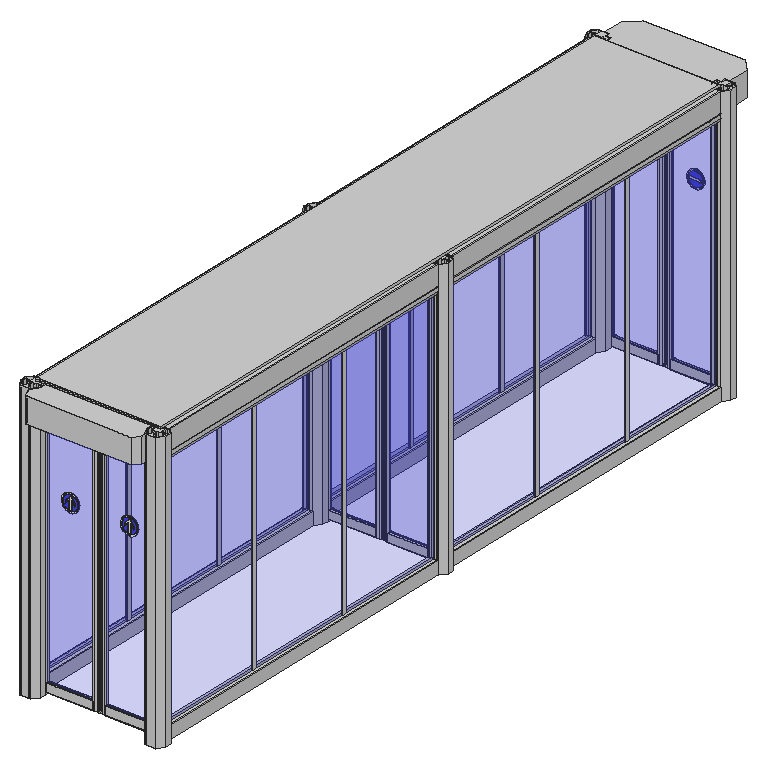
Revit family "agtatec_Record_ScrtTnnl_FlipFlowTriple_Standalone2", category Doors, Revit 2015 (continued)
Lines and regions (mm)
  symbolic lines, detail levels fine
    curve 344: line (-536.25, 1926.623, 0) -> (-536.25, 2879.26, 0)
    curve 345: line (-528.05, 1926.623, 0) -> (-536.25, 1926.623, 0)
    curve 346: line (-528.05, 2879.26, 0) -> (-528.05, 1926.623, 0)
    curve 347: line (-536.25, 1918.623, 0) -> (-528.05, 1918.623, 0)
    curve 348: line (-536.25, 969.987, 0) -> (-536.25, 1918.623, 0)
    curve 349: line (-528.05, 969.987, 0) -> (-536.25, 969.987, 0)
    curve 350: line (-528.05, 1918.623, 0) -> (-528.05, 969.987, 0)
    curve 351: line (-536.25, 961.987, 0) -> (-528.05, 961.987, 0)
    curve 352: line (-536.25, 9.35, 0) -> (-536.25, 961.987, 0)
    curve 353: line (-528.05, 9.35, 0) -> (-536.25, 9.35, 0)
    curve 354: line (-528.05, 961.987, 0) -> (-528.05, 9.35, 0)
    curve 359: line (528.05, 9.35, 0) -> (536.25, 9.35, 0)
    curve 360: line (536.25, 9.35, 0) -> (536.25, 961.987, 0)
    curve 361: line (528.05, 961.987, 0) -> (528.05, 9.35, 0)
    curve 362: line (536.25, 961.987, 0) -> (528.05, 961.987, 0)
    curve 363: line (528.05, 969.987, 0) -> (536.25, 969.987, 0)
    curve 364: line (528.05, 1918.623, 0) -> (528.05, 969.987, 0)
    curve 365: line (536.25, 969.987, 0) -> (536.25, 1918.623, 0)
    curve 366: line (536.25, 1918.623, 0) -> (528.05, 1918.623, 0)
    curve 367: line (528.05, 1926.623, 0) -> (536.25, 1926.623, 0)
    curve 368: line (528.05, 2879.26, 0) -> (528.05, 1926.623, 0)
    curve 369: line (536.25, 1926.623, 0) -> (536.25, 2879.26, 0)
    curve 370: line (536.25, 2879.26, 0) -> (528.05, 2879.26, 0)
    curve 371: line (528.05, 3009.27, 0) -> (536.25, 3009.27, 0)
    curve 372: line (528.05, 3961.946, 0) -> (528.05, 3009.27, 0)
    curve 373: line (536.25, 3009.27, 0) -> (536.25, 3961.946, 0)
    curve 374: line (536.25, 3961.946, 0) -> (528.05, 3961.946, 0)
    curve 375: line (528.05, 3969.946, 0) -> (536.25, 3969.946, 0)
    curve 376: line (528.05, 4918.623, 0) -> (528.05, 3969.946, 0)
    curve 377: line (536.25, 3969.946, 0) -> (536.25, 4918.623, 0)
    curve 378: line (536.25, 4918.623, 0) -> (528.05, 4918.623, 0)
    curve 379: line (528.05, 4926.623, 0) -> (536.25, 4926.623, 0)
    curve 380: line (528.05, 5879.3, 0) -> (528.05, 4926.623, 0)
    curve 381: line (536.25, 4926.623, 0) -> (536.25, 5879.3, 0)
    curve 382: line (536.25, 5879.3, 0) -> (528.05, 5879.3, 0)
    curve 383: line (550.15, 2886.16, 0) -> (550.15, 2896.16, 0)
    curve 384: line (560.85, 2886.16, 0) -> (550.15, 2886.16, 0)
    curve 385: line (552.6, 3007.87, 0) -> (556, 3007.87, 0)
    curve 386: line (556, 3007.87, 0) -> (556, 3010.66, 0)
    curve 387: line (556, 3010.66, 0) -> (579.934, 3010.66, 0)
    curve 389: line (-538.45, 4937.623, 0) -> (-538.45, 4907.623, 0)
    curve 390: line (-538.45, 4907.623, 0) -> (-536.45, 4907.623, 0)
    curve 391: line (-536.45, 4907.623, 0) -> (-536.45, 4921.623, 0)
    curve 392: line (-536.45, 4921.623, 0) -> (-527.85, 4921.623, 0)
    curve 393: line (-527.85, 4923.623, 0) -> (-536.45, 4923.623, 0)
    curve 394: line (-536.45, 4923.623, 0) -> (-536.45, 4937.623, 0)
    curve 395: line (-527.85, 4937.623, 0) -> (-527.85, 4923.623, 0)
    curve 396: line (-527.85, 4921.623, 0) -> (-527.85, 4907.623, 0)
    curve 397: line (-527.85, 4907.623, 0) -> (-525.85, 4907.623, 0)
    curve 398: line (-525.85, 4907.623, 0) -> (-525.85, 4937.623, 0)
    curve 399: line (-525.85, 4937.623, 0) -> (-527.85, 4937.623, 0)
    curve 400: line (-536.45, 4937.623, 0) -> (-538.45, 4937.623, 0)
    curve 401: line (-538.45, 3950.946, 0) -> (-536.45, 3950.946, 0)
    curve 402: line (-536.45, 3950.946, 0) -> (-536.45, 3964.946, 0)
    curve 403: line (-536.45, 3964.946, 0) -> (-527.85, 3964.946, 0)
    curve 404: line (-527.85, 3964.946, 0) -> (-527.85, 3950.946, 0)
    curve 405: line (-527.85, 3950.946, 0) -> (-525.85, 3950.946, 0)
    curve 406: line (-525.85, 3950.946, 0) -> (-525.85, 3980.946, 0)
    curve 407: line (-538.45, 3980.946, 0) -> (-538.45, 3950.946, 0)
    curve 408: line (-527.85, 3966.946, 0) -> (-536.45, 3966.946, 0)
    curve 409: line (-536.45, 3966.946, 0) -> (-536.45, 3980.946, 0)
    curve 410: line (-527.85, 3980.946, 0) -> (-527.85, 3966.946, 0)
    curve 411: line (-525.85, 3980.946, 0) -> (-527.85, 3980.946, 0)
    curve 412: line (-536.45, 3980.946, 0) -> (-538.45, 3980.946, 0)
    curve 413: line (-544.75, 2997.37, 0) -> (-544.75, 3017.37, 0)
    curve 414: line (-519.55, 2997.37, 0) -> (-544.75, 2997.37, 0)
    curve 415: line (-519.55, 3017.37, 0) -> (-519.55, 2997.37, 0)
    curve 418: line (-544.75, 2871.16, 0) -> (-544.75, 2891.16, 0)
    curve 419: line (-544.75, 2891.16, 0) -> (-519.55, 2891.16, 0)
    curve 420: line (-519.55, 2891.16, 0) -> (-519.55, 2871.16, 0)
  symbolic lines, detail levels medium+fine
    curve 260: line (-541.65, 3017.37, 0) -> (-541.65, 5871.079, 0)
    curve 261: line (-522.65, 5871.079, 0) -> (-522.65, 3017.37, 0)
    curve 262: line (-574.65, 5871.079, 0) -> (-536.25, 5871.079, 0)
    curve 263: line (-528.05, 5871.079, 0) -> (-489.65, 5871.079, 0)
    curve 264: line (-536.25, 17.45, 0) -> (-574.65, 17.45, 0)
    curve 265: line (-493.296, 17.45, 0) -> (-528.05, 17.45, 0)
    curve 266: line (489.65, 5871.079, 0) -> (528.05, 5871.079, 0)
    curve 267: line (536.25, 5871.079, 0) -> (574.65, 5871.079, 0)
    curve 268: line (541.65, 5871.079, 0) -> (541.65, 3017.37, 0)
    curve 269: line (522.65, 3017.37, 0) -> (522.65, 5871.079, 0)
    curve 270: line (528.05, 3017.37, 0) -> (493.296, 3017.37, 0)
    curve 271: line (574.65, 3017.37, 0) -> (536.25, 3017.37, 0)
    curve 272: line (536.25, 2871.16, 0) -> (574.65, 2871.16, 0)
    curve 273: line (489.65, 2871.16, 0) -> (528.05, 2871.16, 0)
    curve 274: line (528.05, 17.45, 0) -> (493.296, 17.45, 0)
    curve 275: line (574.65, 17.45, 0) -> (536.25, 17.45, 0)
    curve 276: line (541.65, 2871.16, 0) -> (541.65, 17.45, 0)
    curve 277: line (522.65, 17.45, 0) -> (522.65, 2871.16, 0)
    curve 416: line (-536.25, 3017.37, 0) -> (-574.65, 3017.37, 0)
    curve 417: line (-493.296, 3017.37, 0) -> (-528.05, 3017.37, 0)
    curve 421: line (-522.65, 2871.16, 0) -> (-522.65, 17.45, 0)
    curve 422: line (-541.65, 17.45, 0) -> (-541.65, 2871.16, 0)
    curve 423: line (-528.05, 2871.16, 0) -> (-489.65, 2871.16, 0)
    curve 424: line (-574.65, 2871.16, 0) -> (-536.25, 2871.16, 0)
  symbolic lines, detail levels medium
    curve 326: line (536.25, 5871.079, 0) -> (528.05, 5871.079, 0)
    curve 327: line (536.25, 3017.37, 0) -> (528.05, 3017.37, 0)
    curve 328: line (536.25, 2871.16, 0) -> (528.05, 2871.16, 0)
    curve 355: line (-536.25, 17.45, 0) -> (-528.05, 17.45, 0)
    curve 356: line (-536.25, 2871.16, 0) -> (-528.05, 2871.16, 0)
    curve 357: line (-536.25, 3017.37, 0) -> (-528.05, 3017.37, 0)
    curve 358: line (-536.25, 5871.079, 0) -> (-528.05, 5871.079, 0)
    curve 388: line (536.25, 17.45, 0) -> (528.05, 17.45, 0)
  reference lines
    curve 329: line (-536.25, 0, 0) -> (-536.25, 5999.839, 0)
    curve 330: line (536.25, -0.35, 0) -> (536.25, 5999.489, 0)
Dimensions and locks
  "PassageHeight": plane 5 "PH" to plane 2
  "CanopyHeight": plane 4 "Top" to plane 5 "PH"
  equal spacing: plane 6, plane 3 "Center (Left/Right)", plane 7
  "PassageWidth": plane 6 to plane 7
  equal spacing: plane 1 "Entry", plane 9 "Center", plane 8 "Exit"
  "Length": plane 8 "Exit" to plane 1 "Entry"
  locked: plane 7 to plane 10 at 23.1
  locked: plane 11 to plane 6 at 23.1
  locked: plane 10 to plane 12 at 54.95
  locked: plane 12 to plane 13 at 8.2
  locked: plane 11 to plane 14 at 54.95
  locked: plane 14 to plane 15 at 8.2
  Sweep 3 to plane 19 = 8.221 mm
  plane 17 to plane 9 "Center" to plane 16 = 120.66 mm locked, 9.35 mm locked
  locked: plane 19 to plane 8 "Exit" at 120.539
  locked: plane 1 "Entry" to plane 18 at 9.35
  equal spacing: plane 18, plane 21, plane 20, plane 17
  equal spacing: plane 16, plane 23, plane 22, plane 19
  locked: plane 29 to plane 22 at 4
  locked: plane 22 to plane 28 at 4
  locked: plane 31 to plane 23 at 4
  locked: plane 23 to plane 30 at 4
  locked: plane 25 to plane 20 at 4
  locked: plane 20 to plane 24 at 4
  locked: plane 27 to plane 21 at 4
  locked: plane 21 to plane 26 at 4
  locked: plane 18 to plane 32 at 8.1
  locked: plane 33 to plane 17 at 8.1
  locked: plane 16 to plane 34 at 8.1
  locked: plane 35 to plane 19 at 8.221
  locked: plane 5 "PH" to plane 37 at 19.1
  locked: Extrusion 25 sketch curve to plane 35 at 43.81
  locked: plane 18 to Extrusion 25 sketch curve at 26.3
  locked: plane 8 "Exit" to plane 38 "Sensor" at 298.161
  locked: Extrusion 32 sketch curve to plane 38 "Sensor" at 23.33
  locked: Extrusion 32 sketch curve to plane 5 "PH" at 38.08
  locked: Extrusion 32 sketch curve to plane 5 "PH" at 64.58
  aligned and locked: level to plane 2
  aligned and locked: Sweep 1 sketch curve to plane 7
  aligned and locked: Extrusion 7 sketch curve to plane 18
  aligned and locked: Extrusion 7 sketch curve to plane 12  (x2)
  aligned and locked: Extrusion 7 sketch curve to plane 13  (x2)
  aligned and locked: Extrusion 7 sketch curve to plane 17
  aligned and locked: Extrusion 7 sketch curve to plane 16
  aligned and locked: Extrusion 7 sketch curve to plane 19
  aligned and locked: plane 15 to Extrusion 8 sketch curve  (x2)
  aligned and locked: plane 14 to Extrusion 8 sketch curve  (x2)
  aligned and locked: plane 18 to Extrusion 8 sketch curve
  aligned and locked: plane 17 to Extrusion 8 sketch curve
  aligned and locked: plane 16 to Extrusion 8 sketch curve
  aligned and locked: plane 19 to Extrusion 8 sketch curve
  aligned and locked: Extrusion 7 sketch curve to plane 27
  aligned and locked: Extrusion 7 sketch curve to plane 26
  aligned and locked: Extrusion 7 sketch curve to plane 24
  aligned and locked: Extrusion 7 sketch curve to plane 25
  aligned and locked: Extrusion 7 sketch curve to plane 31
  aligned and locked: Extrusion 7 sketch curve to plane 30
  aligned and locked: Extrusion 7 sketch curve to plane 28
  aligned and locked: Extrusion 7 sketch curve to plane 29
  aligned and locked: Extrusion 8 sketch curve to plane 27
  aligned and locked: Extrusion 8 sketch curve to plane 26
  aligned and locked: Extrusion 8 sketch curve to plane 24
  aligned and locked: Extrusion 8 sketch curve to plane 25
  aligned and locked: Extrusion 8 sketch curve to plane 31
  aligned and locked: Extrusion 8 sketch curve to plane 30
  aligned and locked: Extrusion 8 sketch curve to plane 29
  aligned and locked: Extrusion 8 sketch curve to plane 28
  aligned and locked: Sweep 17 sketch curve to plane 7
  aligned and locked: plane 33 to Sweep 17 sketch curve
  aligned and locked: plane 32 to Sweep 17 sketch curve
  aligned and locked: Sweep 18 sketch curve to plane 7
  aligned and locked: plane 34 to Sweep 18 sketch curve
  aligned and locked: plane 35 to Sweep 18 sketch curve
  aligned and locked: Extrusion 7 to plane 36
  aligned and locked: Sweep 9 sketch curve to plane 7
  aligned and locked: plane 36 to Sweep 9 sketch curve
  aligned and locked: plane 36 to Sweep 10 sketch curve
  aligned and locked: plane 36 to Sweep 11 sketch curve
  aligned and locked: plane 37 to Sweep 9 sketch curve
  aligned and locked: plane 37 to Sweep 10 sketch curve
  aligned and locked: Sweep 10 sketch curve to plane 7
  aligned and locked: Sweep 11 sketch curve to plane 7
  aligned and locked: plane 37 to Sweep 11 sketch curve
  aligned and locked: Sweep 12 sketch curve to plane 7
  aligned and locked: plane 36 to Sweep 12 sketch curve
  aligned and locked: plane 37 to Sweep 12 sketch curve
  aligned and locked: plane 37 to Extrusion 7
  aligned and locked: Sweep 13 sketch curve to plane 6
  aligned and locked: plane 36 to Sweep 13 sketch curve
  aligned and locked: plane 37 to Sweep 13 sketch curve
  aligned and locked: Sweep 14 sketch curve to plane 6
  aligned and locked: plane 36 to Sweep 14 sketch curve
  aligned and locked: plane 37 to Sweep 14 sketch curve
  aligned and locked: Sweep 15 sketch curve to plane 6
  aligned and locked: plane 37 to Sweep 15 sketch curve
  aligned and locked: plane 36 to Sweep 15 sketch curve
  aligned and locked: Sweep 16 sketch curve to plane 6
  aligned and locked: plane 37 to Sweep 16 sketch curve
  aligned and locked: plane 36 to Sweep 16 sketch curve
  aligned and locked: plane 37 to Extrusion 8
  aligned and locked: Extrusion 26 sketch curve to Sweep 5  (x3)
  aligned and locked: Extrusion 26 sketch curve to plane 33
  aligned and locked: Extrusion 26 sketch curve to Sweep 2  (x3)
  aligned and locked: Extrusion 26 sketch curve to Sweep 6  (x3)
  aligned and locked: Extrusion 26 sketch curve to Sweep 3  (x3)
  aligned and locked: Sweep 6 to Extrusion 26 sketch curve
  aligned and locked: Extrusion 25 to plane 4 "Top"
  aligned and locked: Extrusion 26 sketch curve to cut or joined group of Sweep 21, Sweep 22, Sweep 23, Sweep 24, Extrusion 25  (x3)
  aligned and locked: cut or joined group of Sweep 21, Sweep 22, Sweep 23, Sweep 24, Extrusion 25 to Extrusion 26 sketch curve
  aligned and locked: Sweep 2 to Extrusion 26 sketch curve
  aligned and locked: Sweep 1 to Extrusion 26 sketch curve
  aligned and locked: Extrusion 26 sketch curve to Sweep 4
  aligned and locked: Extrusion 25 to plane 12
  aligned and locked: Extrusion 25 to plane 14
  aligned and locked: cut or joined group of Extrusion 26, Extrusion 27, Extrusion 28, Extrusion 29, Extrusion 30 to Sweep 3
  aligned and locked: cut or joined group of Extrusion 26, Extrusion 27, Extrusion 28, Extrusion 29, Extrusion 30 to Sweep 4
  aligned and locked: plane 1 "Entry" to nested 1
  aligned and locked: plane 11 to nested 1
  aligned and locked: plane 10 to nested 2
  aligned and locked: nested 2 to plane 1 "Entry"
  aligned and locked: plane 11 to nested 5
  aligned and locked: plane 8 "Exit" to nested 5
  aligned and locked: nested 6 to plane 8 "Exit"
  aligned and locked: nested 6 to plane 10
  aligned and locked: plane 11 to nested 3
  aligned and locked: plane 9 "Center" to nested 3
  aligned and locked: nested 4 to plane 9 "Center"
  aligned and locked: nested 4 to plane 10
  aligned and locked: Masking region 1 sketch curve to Sweep 6  (x9)
  aligned and locked: Masking region 1 sketch curve to Sweep 20  (x3)
  aligned and locked: Sweep 6 to Masking region 1 sketch curve
  aligned and locked: Sweep 5 to Masking region 1 sketch curve  (x2)
  aligned and locked: Masking region 1 sketch curve to Sweep 5  (x8)
  aligned and locked: Masking region 1 sketch curve to Sweep 19  (x3)
  aligned and locked: Masking region 1 sketch curve to Sweep 4  (x8)
  aligned and locked: Sweep 4 to Masking region 1 sketch curve
  aligned and locked: Masking region 2 sketch curve to Sweep 3  (x9)
  aligned and locked: Masking region 2 sketch curve to Sweep 18  (x2)
  aligned and locked: Sweep 3 to Masking region 2 sketch curve
  aligned and locked: Masking region 2 sketch curve to Sweep 2  (x9)
  aligned and locked: Sweep 18 to Masking region 2 sketch curve
  aligned and locked: Sweep 2 to Masking region 2 sketch curve
  aligned and locked: Masking region 2 sketch curve to Sweep 17  (x2)
  aligned and locked: Masking region 2 sketch curve to Sweep 1  (x9)
  aligned and locked: Sweep 17 to Masking region 2 sketch curve
  aligned and locked: curve 1 to Sweep 4
  aligned and locked: curve 2 to Sweep 4
  aligned and locked: curve 3 to Sweep 4
  aligned and locked: curve 4 to Sweep 4
  aligned and locked: curve 5 to Sweep 4
  aligned and locked: curve 6 to Sweep 4
  aligned and locked: curve 7 to Sweep 4
  aligned and locked: curve 8 to Sweep 4
  aligned and locked: curve 9 to Sweep 4
  aligned and locked: curve 10 to Sweep 4
  aligned and locked: curve 11 to Sweep 4
  aligned and locked: curve 12 to Sweep 4
  aligned and locked: curve 13 to Sweep 4
  aligned and locked: curve 14 to Sweep 4
  aligned and locked: curve 15 to Sweep 4
  aligned and locked: curve 16 to Sweep 4
  aligned and locked: curve 17 to Sweep 4
  aligned and locked: curve 18 to Sweep 4
  aligned and locked: curve 19 to Sweep 4
  aligned and locked: curve 20 to Sweep 4
  aligned and locked: curve 21 to Sweep 4
  aligned and locked: curve 22 to Sweep 4
  aligned and locked: curve 23 to Sweep 4
  aligned and locked: curve 24 to Sweep 4
  aligned and locked: curve 25 to Sweep 4
  aligned and locked: curve 26 to Sweep 4
  aligned and locked: curve 27 to Sweep 4
  aligned and locked: curve 28 to Sweep 4
  aligned and locked: curve 29 to Sweep 4
  aligned and locked: curve 30 to Sweep 4
  aligned and locked: curve 31 to Sweep 4
  aligned and locked: curve 32 to Sweep 4
  aligned and locked: curve 33 to Sweep 4
  aligned and locked: curve 34 to Sweep 4
  aligned and locked: curve 35 to Sweep 4
  aligned and locked: curve 36 to Sweep 4
  aligned and locked: curve 37 to Sweep 4
  aligned and locked: curve 38 to Sweep 1
  aligned and locked: curve 39 to Sweep 1
  aligned and locked: curve 40 to Sweep 1
  aligned and locked: curve 41 to Sweep 1
  aligned and locked: curve 42 to Sweep 1
  aligned and locked: curve 43 to Sweep 1
  aligned and locked: curve 44 to Sweep 1
  aligned and locked: curve 45 to Sweep 1
  aligned and locked: curve 46 to Sweep 1
  aligned and locked: curve 47 to Sweep 1
  aligned and locked: curve 48 to Sweep 1
  aligned and locked: curve 49 to Sweep 1
  aligned and locked: curve 50 to Sweep 1
  aligned and locked: curve 51 to Sweep 1
  aligned and locked: curve 52 to Sweep 1
  aligned and locked: curve 53 to Sweep 1
  aligned and locked: curve 54 to Sweep 1
  aligned and locked: curve 55 to Sweep 1
  aligned and locked: curve 56 to Sweep 1
  aligned and locked: curve 57 to Sweep 1
  aligned and locked: curve 58 to Sweep 1
  aligned and locked: curve 59 to Sweep 1
  aligned and locked: curve 60 to Sweep 1
  aligned and locked: curve 61 to Sweep 1
  aligned and locked: curve 62 to Sweep 1
  aligned and locked: curve 63 to Sweep 1
  aligned and locked: curve 64 to Sweep 1
  aligned and locked: curve 65 to Sweep 1
  aligned and locked: curve 66 to Sweep 1
  aligned and locked: curve 67 to Sweep 1
  aligned and locked: curve 68 to Sweep 1
  aligned and locked: curve 69 to Sweep 1
  aligned and locked: curve 70 to Sweep 1
  aligned and locked: curve 71 to Sweep 1
  aligned and locked: curve 72 to Sweep 1
  aligned and locked: curve 73 to Sweep 1
  aligned and locked: curve 74 to Sweep 1
  aligned and locked: curve 75 to Sweep 5
  aligned and locked: curve 76 to Sweep 5
  aligned and locked: curve 77 to Sweep 5
  aligned and locked: curve 78 to Sweep 5
  aligned and locked: curve 79 to Sweep 5
  aligned and locked: curve 80 to Sweep 5
  aligned and locked: curve 81 to Sweep 5
  aligned and locked: curve 82 to Sweep 5
  aligned and locked: curve 83 to Sweep 5
  aligned and locked: curve 84 to Sweep 5
  aligned and locked: curve 85 to Sweep 5
  aligned and locked: curve 86 to Sweep 5
  aligned and locked: curve 87 to Sweep 5
  aligned and locked: curve 88 to Sweep 5
  aligned and locked: curve 89 to Sweep 5
  aligned and locked: curve 90 to Sweep 5
  aligned and locked: curve 91 to Sweep 5
  aligned and locked: curve 92 to Sweep 5
  aligned and locked: curve 93 to Sweep 5
  aligned and locked: curve 94 to Sweep 5
  aligned and locked: curve 95 to Sweep 5
  aligned and locked: curve 96 to Sweep 5
  aligned and locked: curve 97 to Sweep 5
  aligned and locked: curve 98 to Sweep 5
  aligned and locked: curve 99 to Sweep 5
  aligned and locked: curve 100 to Sweep 5
  aligned and locked: curve 101 to Sweep 5
  aligned and locked: curve 102 to Sweep 5
  aligned and locked: curve 103 to Sweep 5
  aligned and locked: curve 104 to Sweep 5
  aligned and locked: curve 105 to Sweep 5
  aligned and locked: curve 106 to Sweep 5
  aligned and locked: curve 107 to Sweep 5
  aligned and locked: curve 108 to Sweep 5
  aligned and locked: curve 109 to Sweep 5
  aligned and locked: curve 110 to Sweep 5
  aligned and locked: curve 111 to Sweep 5
  aligned and locked: curve 112 to Sweep 2
  aligned and locked: curve 113 to Sweep 2
  aligned and locked: curve 114 to Sweep 2
  aligned and locked: curve 115 to Sweep 2
  aligned and locked: curve 116 to Sweep 2
  aligned and locked: curve 117 to Sweep 2
  aligned and locked: curve 118 to Sweep 2
  aligned and locked: curve 119 to Sweep 2
  aligned and locked: curve 120 to Sweep 2
  aligned and locked: curve 121 to Sweep 2
  aligned and locked: curve 122 to Sweep 2
  aligned and locked: curve 123 to Sweep 2
  aligned and locked: curve 124 to Sweep 2
  aligned and locked: curve 125 to Sweep 2
  aligned and locked: curve 126 to Sweep 2
  aligned and locked: curve 127 to Sweep 2
  aligned and locked: curve 128 to Sweep 2
  aligned and locked: curve 129 to Sweep 2
  aligned and locked: curve 130 to Sweep 2
  aligned and locked: curve 131 to Sweep 2
  aligned and locked: curve 132 to Sweep 2
  aligned and locked: curve 133 to Sweep 2
  aligned and locked: curve 134 to Sweep 2
  aligned and locked: curve 135 to Sweep 2
  aligned and locked: curve 136 to Sweep 2
  aligned and locked: curve 137 to Sweep 2
  aligned and locked: curve 138 to Sweep 2
  aligned and locked: curve 139 to Sweep 2
  aligned and locked: curve 140 to Sweep 2
  aligned and locked: curve 141 to Sweep 2
  aligned and locked: curve 142 to Sweep 2
  aligned and locked: curve 143 to Sweep 2
  aligned and locked: curve 144 to Sweep 6
  aligned and locked: curve 145 to Sweep 6
  aligned and locked: curve 146 to Sweep 6
  aligned and locked: curve 147 to Sweep 6
  aligned and locked: curve 148 to Sweep 6
  aligned and locked: curve 149 to Sweep 6
  aligned and locked: curve 150 to Sweep 6
  aligned and locked: curve 151 to Sweep 6
  aligned and locked: curve 152 to Sweep 6
  aligned and locked: curve 153 to Sweep 6
  aligned and locked: curve 154 to Sweep 6
  aligned and locked: curve 155 to Sweep 6
  aligned and locked: curve 156 to Sweep 6
  aligned and locked: curve 157 to Sweep 6
  aligned and locked: curve 158 to Sweep 6
  aligned and locked: curve 159 to Sweep 6
  aligned and locked: curve 160 to Sweep 6
  aligned and locked: curve 161 to Sweep 6
  aligned and locked: curve 162 to Sweep 6
  aligned and locked: curve 163 to Sweep 6
  aligned and locked: curve 164 to Sweep 6
  aligned and locked: curve 165 to Sweep 6
  aligned and locked: curve 166 to Sweep 6
  aligned and locked: curve 167 to Sweep 6
  aligned and locked: curve 168 to Sweep 6
  aligned and locked: curve 169 to Sweep 6
  aligned and locked: curve 170 to Sweep 6
  aligned and locked: curve 171 to Sweep 6
  aligned and locked: curve 172 to Sweep 6
  aligned and locked: curve 173 to Sweep 6
  aligned and locked: curve 174 to Sweep 6
  aligned and locked: curve 175 to Sweep 6
  aligned and locked: curve 176 to Sweep 6
  aligned and locked: curve 177 to Sweep 6
  aligned and locked: curve 178 to Sweep 6
  aligned and locked: curve 179 to Sweep 6
  aligned and locked: curve 180 to Sweep 6
  aligned and locked: curve 181 to Sweep 3
  aligned and locked: curve 182 to Sweep 3
  aligned and locked: curve 183 to Sweep 3
  aligned and locked: curve 184 to Sweep 3
  aligned and locked: curve 185 to Sweep 3
  aligned and locked: curve 186 to Sweep 3
  aligned and locked: curve 187 to Sweep 3
  aligned and locked: curve 188 to Sweep 3
  aligned and locked: curve 189 to Sweep 3
  aligned and locked: curve 190 to Sweep 3
  aligned and locked: curve 191 to Sweep 3
  aligned and locked: curve 192 to Sweep 3
  aligned and locked: curve 193 to Sweep 3
  aligned and locked: curve 194 to Sweep 3
  aligned and locked: curve 195 to Sweep 3
  aligned and locked: curve 196 to Sweep 3
  aligned and locked: curve 197 to Sweep 3
  aligned and locked: curve 198 to Sweep 3
  aligned and locked: curve 199 to Sweep 3
  aligned and locked: curve 200 to Sweep 3
  aligned and locked: curve 201 to Sweep 3
  aligned and locked: curve 202 to Sweep 3
  aligned and locked: curve 203 to Sweep 3
  aligned and locked: curve 204 to Sweep 3
  aligned and locked: curve 205 to Sweep 3
  aligned and locked: curve 206 to Sweep 3
  aligned and locked: curve 207 to Sweep 3
  aligned and locked: curve 208 to Sweep 3
  aligned and locked: curve 209 to Sweep 3
  aligned and locked: curve 210 to Sweep 3
  aligned and locked: curve 211 to Sweep 3
  aligned and locked: curve 212 to Sweep 3
  aligned and locked: curve 213 to Sweep 3
  aligned and locked: curve 214 to Sweep 3
  aligned and locked: curve 215 to Sweep 3
  aligned and locked: curve 216 to Sweep 3
  aligned and locked: curve 217 to Sweep 3
  aligned and locked: curve 218 to Sweep 13
  aligned and locked: curve 219 to Sweep 13
  aligned and locked: curve 220 to Sweep 13
  aligned and locked: curve 221 to Sweep 13
  aligned and locked: curve 222 to Sweep 13
  aligned and locked: curve 223 to Sweep 13
  aligned and locked: curve 224 to Sweep 13
  aligned and locked: curve 225 to Sweep 13
  aligned and locked: curve 226 to Sweep 13
  aligned and locked: curve 227 to Sweep 13
  aligned and locked: curve 228 to Sweep 13
  aligned and locked: curve 229 to Sweep 13
  aligned and locked: curve 230 to Sweep 14
  aligned and locked: curve 231 to Sweep 14
  aligned and locked: curve 232 to Sweep 14
  aligned and locked: curve 233 to Sweep 14
  aligned and locked: curve 234 to Sweep 14
  aligned and locked: curve 235 to Sweep 14
  aligned and locked: curve 236 to Sweep 14
  aligned and locked: curve 237 to Sweep 14
  aligned and locked: curve 238 to Sweep 14
  aligned and locked: curve 239 to Sweep 14
  aligned and locked: curve 240 to Sweep 14
  aligned and locked: curve 241 to Sweep 14
  aligned and locked: curve 242 to Sweep 4
  aligned and locked: curve 243 to Sweep 4
  aligned and locked: curve 244 to Sweep 4
  aligned and locked: curve 245 to Sweep 6
  aligned and locked: curve 246 to Sweep 6
  aligned and locked: curve 247 to Sweep 6
  aligned and locked: curve 248 to Sweep 3
  aligned and locked: curve 249 to Sweep 3
  aligned and locked: curve 250 to Sweep 3
  aligned and locked: curve 251 to Sweep 2
  aligned and locked: curve 252 to Sweep 2
  aligned and locked: curve 253 to Sweep 2
  aligned and locked: curve 254 to Sweep 2
  aligned and locked: curve 255 to Sweep 2
  aligned and locked: curve 256 to Sweep 2
  aligned and locked: curve 257 to Sweep 1
  aligned and locked: curve 258 to Sweep 1
  aligned and locked: curve 259 to Sweep 1
  aligned and locked: curve 260 to Sweep 20
  aligned and locked: curve 261 to Sweep 20
  aligned and locked: curve 262 to Sweep 20
  aligned and locked: curve 263 to Sweep 20
  aligned and locked: Sweep 19 to curve 264
  aligned and locked: Sweep 19 to curve 265
  aligned and locked: curve 266 to Sweep 18
  aligned and locked: curve 267 to Sweep 18
  aligned and locked: curve 268 to Sweep 18
  aligned and locked: curve 269 to Sweep 18
  aligned and locked: Sweep 18 to curve 270
  aligned and locked: curve 271 to Sweep 18
  aligned and locked: curve 272 to Sweep 17
  aligned and locked: curve 273 to Sweep 17
  aligned and locked: Sweep 17 to curve 274
  aligned and locked: Sweep 17 to curve 275
  aligned and locked: curve 276 to Sweep 17
  aligned and locked: curve 277 to Sweep 17
  aligned and locked: curve 278 to Sweep 9
  aligned and locked: curve 279 to Sweep 9
  aligned and locked: curve 280 to Sweep 9
  aligned and locked: curve 281 to Sweep 9
  aligned and locked: curve 282 to Sweep 9
  aligned and locked: curve 283 to Sweep 9
  aligned and locked: curve 284 to Sweep 9
  aligned and locked: curve 285 to Sweep 9
  aligned and locked: curve 286 to Sweep 9
  aligned and locked: curve 287 to Sweep 9
  aligned and locked: curve 288 to Sweep 9
  aligned and locked: curve 289 to Sweep 9
  aligned and locked: curve 290 to Sweep 10
  aligned and locked: curve 291 to Sweep 10
  aligned and locked: curve 292 to Sweep 10
  aligned and locked: curve 293 to Sweep 10
  aligned and locked: curve 294 to Sweep 10
  aligned and locked: curve 295 to Sweep 10
  aligned and locked: curve 296 to Sweep 10
  aligned and locked: curve 297 to Sweep 10
  aligned and locked: curve 298 to Sweep 10
  aligned and locked: curve 299 to Sweep 10
  aligned and locked: curve 300 to Sweep 10
  aligned and locked: curve 301 to Sweep 10
  aligned and locked: curve 302 to Sweep 11
  aligned and locked: curve 303 to Sweep 11
  aligned and locked: curve 304 to Sweep 11
  aligned and locked: curve 305 to Sweep 11
  aligned and locked: curve 306 to Sweep 11
  aligned and locked: curve 307 to Sweep 11
  aligned and locked: curve 308 to Sweep 11
  aligned and locked: curve 309 to Sweep 11
  aligned and locked: curve 310 to Sweep 11
  aligned and locked: curve 311 to Sweep 11
  aligned and locked: curve 312 to Sweep 11
  aligned and locked: curve 313 to Sweep 11
  aligned and locked: curve 314 to Sweep 12
  aligned and locked: curve 315 to Sweep 12
  aligned and locked: curve 316 to Sweep 12
  aligned and locked: curve 317 to Sweep 12
  aligned and locked: curve 318 to Sweep 12
  aligned and locked: curve 319 to Sweep 12
  aligned and locked: curve 320 to Sweep 12
  aligned and locked: curve 321 to Sweep 12
  aligned and locked: curve 322 to Sweep 12
  aligned and locked: curve 323 to Sweep 12
  aligned and locked: curve 324 to Sweep 12
  aligned and locked: curve 325 to Sweep 12
  aligned and locked: curve 327 to plane 34
  aligned and locked: curve 326 to plane 35
  aligned and locked: plane 15 to curve 329
  aligned and locked: curve 330 to plane 13
  aligned and locked: plane 24 to Extrusion 8
  aligned and locked: plane 14 to Extrusion 8  (x4)
  aligned and locked: Extrusion 8 to plane 19
  aligned and locked: Extrusion 8 to curve 329
  aligned and locked: plane 35 to curve 358
  aligned and locked: plane 28 to Extrusion 8
  aligned and locked: Extrusion 8 to plane 29
  aligned and locked: Extrusion 8 to plane 15  (x3)
  aligned and locked: plane 30 to Extrusion 8
  aligned and locked: Extrusion 8 to plane 31
  aligned and locked: plane 34 to curve 357
  aligned and locked: plane 16 to Extrusion 8
  aligned and locked: curve 342 to plane 14
  aligned and locked: plane 15 to curve 340
  aligned and locked: Extrusion 8 to plane 17
  aligned and locked: plane 33 to curve 356
  aligned and locked: curve 346 to plane 14
  aligned and locked: plane 17 to curve 343
  aligned and locked: plane 15 to curve 344
  aligned and locked: curve 341 to plane 16
  aligned and locked: plane 31 to curve 339
  aligned and locked: curve 337 to plane 30
  aligned and locked: plane 15 to curve 336
  aligned and locked: curve 338 to plane 14
  aligned and locked: plane 29 to curve 335
  aligned and locked: curve 333 to plane 28
  aligned and locked: curve 334 to plane 14
  aligned and locked: plane 15 to curve 332
  aligned and locked: plane 19 to curve 331
  aligned and locked: curve 345 to plane 24
  aligned and locked: plane 25 to curve 347
  aligned and locked: plane 15 to curve 348
  aligned and locked: curve 350 to plane 14
  aligned and locked: curve 349 to plane 26
  aligned and locked: plane 27 to curve 351
  aligned and locked: curve 354 to plane 14
  aligned and locked: plane 15 to curve 352
  aligned and locked: curve 353 to plane 18
  aligned and locked: plane 32 to curve 355
  aligned and locked: plane 18 to curve 359
  aligned and locked: plane 12 to curve 361
  aligned and locked: curve 360 to plane 13
  aligned and locked: plane 26 to curve 363
  aligned and locked: curve 365 to plane 13
  aligned and locked: plane 12 to curve 364
  aligned and locked: curve 362 to plane 27
  aligned and locked: plane 24 to curve 367
  aligned and locked: curve 369 to plane 13
  aligned and locked: plane 12 to curve 368
  aligned and locked: curve 370 to plane 17
  aligned and locked: plane 16 to curve 371
  aligned and locked: plane 12 to curve 372
  aligned and locked: curve 373 to plane 13
  aligned and locked: curve 374 to plane 31
  aligned and locked: plane 30 to curve 375
  aligned and locked: curve 377 to plane 13
  aligned and locked: plane 12 to curve 376
  aligned and locked: curve 378 to plane 29
  aligned and locked: plane 28 to curve 379
  aligned and locked: plane 12 to curve 380
  aligned and locked: curve 381 to plane 13
  aligned and locked: curve 383 to Sweep 2
  aligned and locked: curve 384 to Sweep 2
  aligned and locked: curve 385 to Sweep 2
  aligned and locked: curve 386 to Sweep 2
  aligned and locked: curve 387 to Sweep 2
  aligned and locked: curve 388 to plane 32
  aligned and locked: curve 389 to Sweep 16
  aligned and locked: curve 390 to Sweep 16
  aligned and locked: curve 391 to Sweep 16
  aligned and locked: curve 392 to Sweep 16
  aligned and locked: curve 393 to Sweep 16
  aligned and locked: curve 394 to Sweep 16
  aligned and locked: curve 395 to Sweep 16
  aligned and locked: curve 396 to Sweep 16
  aligned and locked: curve 397 to Sweep 16
  aligned and locked: curve 398 to Sweep 16
  aligned and locked: curve 399 to Sweep 16
  aligned and locked: curve 400 to Sweep 16
  aligned and locked: curve 401 to Sweep 15
  aligned and locked: curve 402 to Sweep 15
  aligned and locked: curve 403 to Sweep 15
  aligned and locked: curve 404 to Sweep 15
  aligned and locked: curve 405 to Sweep 15
  aligned and locked: curve 406 to Sweep 15
  aligned and locked: curve 407 to Sweep 15
  aligned and locked: curve 408 to Sweep 15
  aligned and locked: curve 409 to Sweep 15
  aligned and locked: curve 410 to Sweep 15
  aligned and locked: curve 411 to Sweep 15
  aligned and locked: curve 412 to Sweep 15
  aligned and locked: curve 413 to Sweep 5
  aligned and locked: curve 414 to Sweep 5
  aligned and locked: curve 415 to Sweep 5
  aligned and locked: curve 416 to Sweep 5
  aligned and locked: plane 15 to curve 416
  aligned and locked: curve 417 to Sweep 5
  aligned and locked: plane 14 to curve 417
  aligned and locked: curve 418 to Sweep 5
  aligned and locked: curve 419 to Sweep 5
  aligned and locked: curve 420 to Sweep 5
  aligned and locked: curve 421 to Sweep 19
  aligned and locked: curve 422 to Sweep 19
  aligned and locked: curve 423 to Sweep 5
  aligned and locked: Sweep 5 to curve 424
  aligned and locked: plane 15 to curve 424
  aligned and locked: plane 14 to curve 423
  aligned and locked: plane 3 "Center (Left/Right)" to nested 7
  aligned and locked: plane 8 "Exit" to nested 7
  aligned and locked: plane 5 "PH" to Extrusion 31 sketch curve
  aligned and locked: Extrusion 31 sketch curve to plane 5 "PH"
  aligned and locked: plane 38 "Sensor" to Extrusion 32 sketch curve
Automatic sketch dimensions
  plane 21 to Sweep 13 sketch curve = 15.00 mm
  Sweep 13 sketch curve to profile plane = 75.85 mm
  Sweep 13 sketch curve to Sweep 13 sketch curve = 2.00 mm  (x3)
  plane 21 to Sweep 13 sketch curve = 1.00 mm
  Sweep 13 sketch curve to Sweep 13 sketch curve = 8.60 mm
  Sweep 13 sketch curve to Sweep 13 sketch curve = 0.00 mm  (x3)
  Sweep 13 sketch curve to plane 21 = 1.00 mm
  Sweep 13 sketch curve to Sweep 13 sketch curve = 14.00 mm
  plane 20 to Sweep 14 sketch curve = 15.00 mm
  Sweep 14 sketch curve to profile plane = 75.85 mm
  Sweep 14 sketch curve to Sweep 14 sketch curve = 2.00 mm  (x3)
  plane 20 to Sweep 14 sketch curve = 1.00 mm
  Sweep 14 sketch curve to Sweep 14 sketch curve = 8.60 mm
  Sweep 14 sketch curve to Sweep 14 sketch curve = 0.00 mm  (x3)
  Sweep 14 sketch curve to plane 20 = 1.00 mm
  Sweep 14 sketch curve to Sweep 14 sketch curve = 14.00 mm
  plane 23 to Sweep 15 sketch curve = 15.00 mm
  Sweep 15 sketch curve to profile plane = 75.85 mm
  Sweep 15 sketch curve to Sweep 15 sketch curve = 2.00 mm  (x3)
  plane 23 to Sweep 15 sketch curve = 1.00 mm
  Sweep 15 sketch curve to Sweep 15 sketch curve = 8.60 mm
  Sweep 15 sketch curve to Sweep 15 sketch curve = 0.00 mm  (x3)
  Sweep 15 sketch curve to plane 23 = 1.00 mm
  Sweep 15 sketch curve to Sweep 15 sketch curve = 14.00 mm
  plane 22 to Sweep 16 sketch curve = 15.00 mm
  Sweep 16 sketch curve to profile plane = 75.85 mm
  Sweep 16 sketch curve to Sweep 16 sketch curve = 2.00 mm  (x3)
  plane 22 to Sweep 16 sketch curve = 1.00 mm
  Sweep 16 sketch curve to Sweep 16 sketch curve = 8.60 mm
  Sweep 16 sketch curve to Sweep 16 sketch curve = 0.00 mm  (x3)
  Sweep 16 sketch curve to plane 22 = 1.00 mm
  Sweep 16 sketch curve to Sweep 16 sketch curve = 14.00 mm
  Sweep 1 sketch curve to level = 0.00 mm
  Sweep 1 sketch curve to plane 4 "Top" = 0.00 mm
  Sweep 1 sketch curve to profile plane = 0.00 mm
  profile plane to Sweep 1 sketch curve = 2.30 mm
  profile plane to Sweep 1 sketch curve = 19.90 mm
  profile plane to Sweep 1 sketch curve = 36.52 mm
  Sweep 1 sketch curve to Sweep 1 sketch curve = 0.946 mm
  Sweep 1 sketch curve to Sweep 1 sketch curve = 22.75 mm
  Sweep 1 sketch curve to plane 1 "Entry" = 17.45 mm  (x2)
  profile plane to Sweep 1 sketch curve = 43.296 mm
  Sweep 1 sketch curve to Sweep 1 sketch curve = 16.93 mm
  Sweep 1 sketch curve to Sweep 1 sketch curve = 10.70 mm  (x2)
  Sweep 1 sketch curve to Sweep 1 sketch curve = 26.254 mm
  Sweep 1 sketch curve to Sweep 1 sketch curve = 7.00 mm  (x2)
  Sweep 1 sketch curve to Sweep 1 sketch curve = 37.00 mm
  Sweep 1 sketch curve to Sweep 1 sketch curve = 5.00 mm  (x2)
  Sweep 1 sketch curve to Sweep 1 sketch curve = 8.50 mm
  Sweep 1 sketch curve to Sweep 1 sketch curve = 25.20 mm
  Sweep 1 sketch curve to Sweep 1 sketch curve = 17.95 mm
  Sweep 1 sketch curve to Sweep 1 sketch curve = 3.40 mm
  Sweep 1 sketch curve to Sweep 1 sketch curve = 19.05 mm
  Sweep 1 sketch curve to Sweep 1 sketch curve = 20.752 mm
  Sweep 1 sketch curve to Sweep 1 sketch curve = 16.185 mm
  Sweep 1 sketch curve to Sweep 1 sketch curve = 0.746 mm
  Sweep 1 sketch curve to Sweep 1 sketch curve = 3.182 mm
  Sweep 1 sketch curve to Sweep 1 sketch curve = 22.95 mm
  plane 1 "Entry" to Sweep 1 sketch curve = 21.326 mm
  Sweep 1 sketch curve to Sweep 1 sketch curve = 17.40 mm  (x2)
  plane 1 "Entry" to Sweep 1 sketch curve = 67.057 mm
  plane 1 "Entry" to Sweep 1 sketch curve = 20.298 mm
  Sweep 1 sketch curve to Sweep 1 sketch curve = 2.50 mm
  Sweep 1 sketch curve to Sweep 1 sketch curve = 6.71 mm
  Sweep 1 sketch curve to Sweep 1 sketch curve = 2.79 mm
  plane 1 "Entry" to Sweep 1 sketch curve = 2.55 mm
  plane 1 "Entry" to Sweep 1 sketch curve = 20.296 mm
  Sweep 1 sketch curve to Sweep 1 sketch curve = 36.45 mm
  Sweep 1 sketch curve to Sweep 1 sketch curve = 23.704 mm
  Sweep 1 sketch curve to Sweep 1 sketch curve = 9.50 mm
  Sweep 1 sketch curve to Sweep 1 sketch curve = 0.00 mm  (x2)
  Sweep 1 sketch curve to Sweep 1 sketch curve = 1.754 mm  (x2)
  Sweep 1 sketch curve to Sweep 1 sketch curve = 21.303 mm
  Sweep 1 sketch curve to Sweep 1 sketch curve = 1.746 mm  (x2)
  Sweep 1 sketch curve to Sweep 1 sketch curve = 36.56 mm
  Sweep 1 sketch curve to Sweep 1 sketch curve = 13.70 mm  (x2)
  Sweep 1 sketch curve to Sweep 1 sketch curve = 10.00 mm  (x2)
  Sweep 1 sketch curve to Sweep 1 sketch curve = 8.103 mm  (x2)
  Sweep 1 sketch curve to Sweep 1 sketch curve = 6.897 mm
  Sweep 2 sketch curve to plane 4 "Top" = 0.00 mm
  plane 7 to Sweep 2 sketch curve = 0.00 mm
  Sweep 2 sketch curve to level = 0.00 mm
  Sweep 2 sketch curve to profile plane = 0.00 mm
  profile plane to Sweep 2 sketch curve = 2.30 mm
  profile plane to Sweep 2 sketch curve = 19.90 mm
  profile plane to Sweep 2 sketch curve = 36.52 mm
  Sweep 2 sketch curve to Sweep 2 sketch curve = 0.946 mm
  Sweep 2 sketch curve to Sweep 2 sketch curve = 22.75 mm
  Sweep 2 sketch curve to Sweep 2 sketch curve = 0.646 mm
  Sweep 2 sketch curve to Sweep 2 sketch curve = 16.93 mm
  Sweep 2 sketch curve to Sweep 2 sketch curve = 10.70 mm  (x2)
  Sweep 2 sketch curve to Sweep 2 sketch curve = 26.254 mm
  Sweep 2 sketch curve to Sweep 2 sketch curve = 5.40 mm
  Sweep 2 sketch curve to Sweep 2 sketch curve = 7.00 mm  (x2)
  Sweep 2 sketch curve to Sweep 2 sketch curve = 37.00 mm
  Sweep 2 sketch curve to Sweep 2 sketch curve = 5.00 mm  (x5)
  Sweep 2 sketch curve to Sweep 2 sketch curve = 8.50 mm
  Sweep 2 sketch curve to Sweep 2 sketch curve = 1.60 mm
  plane 9 "Center" to Sweep 2 sketch curve = 2.55 mm
  Sweep 2 sketch curve to Sweep 2 sketch curve = 25.20 mm
  Sweep 2 sketch curve to Sweep 2 sketch curve = 7.85 mm
  Sweep 2 sketch curve to Sweep 2 sketch curve = 3.40 mm
  Sweep 2 sketch curve to Sweep 2 sketch curve = 19.05 mm
  Sweep 2 sketch curve to Sweep 2 sketch curve = 20.752 mm
  Sweep 2 sketch curve to Sweep 2 sketch curve = 16.185 mm
  Sweep 2 sketch curve to Sweep 2 sketch curve = 0.746 mm
  Sweep 2 sketch curve to plane 9 "Center" = 10.74 mm
  Sweep 2 sketch curve to Sweep 2 sketch curve = 3.182 mm
  Sweep 2 sketch curve to Sweep 2 sketch curve = 22.95 mm
  Sweep 2 sketch curve to Sweep 2 sketch curve = 17.40 mm  (x2)
  plane 9 "Center" to Sweep 2 sketch curve = 21.326 mm
  plane 9 "Center" to Sweep 2 sketch curve = 20.298 mm
  Sweep 2 sketch curve to Sweep 2 sketch curve = 2.50 mm
  Sweep 2 sketch curve to plane 9 "Center" = 17.45 mm
  Sweep 2 sketch curve to Sweep 2 sketch curve = 6.71 mm
  Sweep 2 sketch curve to Sweep 2 sketch curve = 2.79 mm
  plane 9 "Center" to Sweep 2 sketch curve = 20.296 mm
  Sweep 2 sketch curve to Sweep 2 sketch curve = 17.674 mm
  Sweep 2 sketch curve to Sweep 2 sketch curve = 23.704 mm
  Sweep 2 sketch curve to Sweep 2 sketch curve = 9.50 mm
  Sweep 2 sketch curve to Sweep 2 sketch curve = 0.00 mm  (x2)
  Sweep 2 sketch curve to Sweep 2 sketch curve = 21.303 mm
  Sweep 2 sketch curve to Sweep 2 sketch curve = 26.303 mm
  Sweep 2 sketch curve to Sweep 2 sketch curve = 1.754 mm  (x2)
  Sweep 2 sketch curve to Sweep 2 sketch curve = 1.746 mm  (x2)
  Sweep 2 sketch curve to Sweep 2 sketch curve = 36.56 mm
  Sweep 2 sketch curve to Sweep 2 sketch curve = 13.70 mm  (x2)
  Sweep 2 sketch curve to Sweep 2 sketch curve = 8.103 mm  (x2)
  Sweep 2 sketch curve to Sweep 2 sketch curve = 15.00 mm
  Sweep 2 sketch curve to Sweep 2 sketch curve = 6.897 mm
  Sweep 3 sketch curve to plane 4 "Top" = 0.00 mm
  plane 7 to Sweep 3 sketch curve = 0.00 mm
  Sweep 3 sketch curve to level = 0.00 mm
  Sweep 3 sketch curve to profile plane = 0.00 mm
  profile plane to Sweep 3 sketch curve = 2.30 mm
  profile plane to Sweep 3 sketch curve = 19.90 mm
  profile plane to Sweep 3 sketch curve = 36.52 mm
  Sweep 3 sketch curve to Sweep 3 sketch curve = 0.946 mm
  Sweep 3 sketch curve to Sweep 3 sketch curve = 22.75 mm
  Sweep 3 sketch curve to Sweep 3 sketch curve = 0.646 mm
  Sweep 3 sketch curve to Sweep 3 sketch curve = 16.93 mm
  Sweep 3 sketch curve to Sweep 3 sketch curve = 10.70 mm  (x2)
  Sweep 3 sketch curve to Sweep 3 sketch curve = 5.40 mm
  Sweep 3 sketch curve to Sweep 3 sketch curve = 1.60 mm  (x2)
  Sweep 3 sketch curve to Sweep 3 sketch curve = 8.50 mm  (x2)
  Sweep 3 sketch curve to Sweep 3 sketch curve = 5.00 mm  (x4)
  Sweep 3 sketch curve to Sweep 3 sketch curve = 7.00 mm
  Sweep 3 sketch curve to plane 8 "Exit" = 7.95 mm
  Sweep 3 sketch curve to Sweep 3 sketch curve = 59.304 mm
  Sweep 3 sketch curve to Sweep 3 sketch curve = 3.40 mm
  Sweep 3 sketch curve to Sweep 3 sketch curve = 19.05 mm
  Sweep 3 sketch curve to Sweep 3 sketch curve = 20.752 mm
  Sweep 3 sketch curve to Sweep 3 sketch curve = 16.185 mm
  Sweep 3 sketch curve to Sweep 3 sketch curve = 0.746 mm
  Sweep 3 sketch curve to Sweep 3 sketch curve = 3.182 mm
  Sweep 3 sketch curve to Sweep 3 sketch curve = 22.95 mm
  Sweep 3 sketch curve to Sweep 3 sketch curve = 17.40 mm  (x2)
  plane 8 "Exit" to Sweep 3 sketch curve = 21.326 mm
  plane 8 "Exit" to Sweep 3 sketch curve = 20.298 mm
  Sweep 3 sketch curve to Sweep 3 sketch curve = 2.50 mm
  Sweep 3 sketch curve to plane 8 "Exit" = 10.74 mm
  Sweep 3 sketch curve to plane 8 "Exit" = 17.45 mm
  plane 8 "Exit" to Sweep 3 sketch curve = 20.296 mm
  Sweep 3 sketch curve to Sweep 3 sketch curve = 17.674 mm
  Sweep 3 sketch curve to Sweep 3 sketch curve = 23.704 mm
  Sweep 3 sketch curve to Sweep 3 sketch curve = 9.50 mm  (x2)
  Sweep 3 sketch curve to Sweep 3 sketch curve = 26.303 mm
  Sweep 3 sketch curve to Sweep 3 sketch curve = 21.303 mm
  Sweep 3 sketch curve to Sweep 3 sketch curve = 1.754 mm  (x2)
  Sweep 3 sketch curve to Sweep 3 sketch curve = 1.746 mm  (x2)
  Sweep 3 sketch curve to Sweep 3 sketch curve = 36.56 mm
  Sweep 3 sketch curve to Sweep 3 sketch curve = 0.00 mm
  Sweep 3 sketch curve to Sweep 3 sketch curve = 13.70 mm  (x2)
  Sweep 3 sketch curve to Sweep 3 sketch curve = 10.00 mm
  Sweep 3 sketch curve to Sweep 3 sketch curve = 8.103 mm  (x2)
  Sweep 3 sketch curve to Sweep 3 sketch curve = 15.00 mm
  Sweep 3 sketch curve to Sweep 3 sketch curve = 6.897 mm
  Sweep 4 sketch curve to plane 4 "Top" = 0.00 mm
  plane 6 to Sweep 4 sketch curve = 0.00 mm
  Sweep 4 sketch curve to level = 0.00 mm
  Sweep 4 sketch curve to profile plane = 0.00 mm
  Sweep 4 sketch curve to profile plane = 2.30 mm
  Sweep 4 sketch curve to Sweep 4 sketch curve = 17.60 mm
  Sweep 4 sketch curve to profile plane = 36.52 mm
  Sweep 4 sketch curve to Sweep 4 sketch curve = 0.946 mm
  Sweep 4 sketch curve to Sweep 4 sketch curve = 22.75 mm
  Sweep 4 sketch curve to plane 1 "Entry" = 17.45 mm
  Sweep 4 sketch curve to profile plane = 43.296 mm
  Sweep 4 sketch curve to Sweep 4 sketch curve = 16.93 mm
  Sweep 4 sketch curve to Sweep 4 sketch curve = 10.70 mm  (x2)
  plane 1 "Entry" to Sweep 4 sketch curve = 2.55 mm
  Sweep 4 sketch curve to Sweep 4 sketch curve = 26.254 mm
  Sweep 4 sketch curve to Sweep 4 sketch curve = 7.00 mm  (x2)
  Sweep 4 sketch curve to Sweep 4 sketch curve = 37.00 mm
  Sweep 4 sketch curve to Sweep 4 sketch curve = 5.00 mm  (x2)
  Sweep 4 sketch curve to Sweep 4 sketch curve = 8.50 mm
  Sweep 4 sketch curve to Sweep 4 sketch curve = 25.20 mm
  Sweep 4 sketch curve to Sweep 4 sketch curve = 17.95 mm
  Sweep 4 sketch curve to Sweep 4 sketch curve = 3.40 mm
  Sweep 4 sketch curve to Sweep 4 sketch curve = 19.05 mm
  Sweep 4 sketch curve to Sweep 4 sketch curve = 20.752 mm
  Sweep 4 sketch curve to Sweep 4 sketch curve = 16.185 mm
  Sweep 4 sketch curve to Sweep 4 sketch curve = 0.746 mm
  Sweep 4 sketch curve to plane 1 "Entry" = 10.74 mm
  Sweep 4 sketch curve to Sweep 4 sketch curve = 3.182 mm
  Sweep 4 sketch curve to Sweep 4 sketch curve = 22.95 mm
  Sweep 4 sketch curve to Sweep 4 sketch curve = 17.40 mm  (x2)
  plane 1 "Entry" to Sweep 4 sketch curve = 21.326 mm
  Sweep 4 sketch curve to Sweep 4 sketch curve = 2.50 mm
  Sweep 4 sketch curve to Sweep 4 sketch curve = 6.71 mm
  Sweep 4 sketch curve to Sweep 4 sketch curve = 2.79 mm
  plane 1 "Entry" to Sweep 4 sketch curve = 20.296 mm
  Sweep 4 sketch curve to Sweep 4 sketch curve = 1.028 mm
  Sweep 4 sketch curve to Sweep 4 sketch curve = 36.45 mm
  Sweep 4 sketch curve to Sweep 4 sketch curve = 23.704 mm
  Sweep 4 sketch curve to Sweep 4 sketch curve = 9.50 mm
  Sweep 4 sketch curve to Sweep 4 sketch curve = 0.00 mm  (x2)
  Sweep 4 sketch curve to Sweep 4 sketch curve = 21.303 mm  (x2)
  Sweep 4 sketch curve to Sweep 4 sketch curve = 1.754 mm  (x2)
  Sweep 4 sketch curve to Sweep 4 sketch curve = 1.746 mm  (x2)
  Sweep 4 sketch curve to Sweep 4 sketch curve = 36.56 mm
  Sweep 4 sketch curve to Sweep 4 sketch curve = 13.70 mm  (x2)
  Sweep 4 sketch curve to Sweep 4 sketch curve = 10.00 mm  (x2)
  Sweep 4 sketch curve to Sweep 4 sketch curve = 8.103 mm  (x2)
  Sweep 4 sketch curve to Sweep 4 sketch curve = 6.897 mm
  Sweep 5 sketch curve to plane 4 "Top" = 0.00 mm
  plane 6 to Sweep 5 sketch curve = 0.00 mm
  Sweep 5 sketch curve to level = 0.00 mm
  Sweep 5 sketch curve to profile plane = 0.00 mm
  Sweep 5 sketch curve to profile plane = 2.30 mm
  Sweep 5 sketch curve to profile plane = 19.90 mm
  Sweep 5 sketch curve to profile plane = 36.52 mm
  Sweep 5 sketch curve to Sweep 5 sketch curve = 0.946 mm
  Sweep 5 sketch curve to Sweep 5 sketch curve = 22.75 mm
  Sweep 5 sketch curve to plane 9 "Center" = 17.45 mm
  Sweep 5 sketch curve to profile plane = 43.296 mm
  Sweep 5 sketch curve to Sweep 5 sketch curve = 16.93 mm
  Sweep 5 sketch curve to Sweep 5 sketch curve = 10.70 mm  (x2)
  Sweep 5 sketch curve to Sweep 5 sketch curve = 26.254 mm
  Sweep 5 sketch curve to Sweep 5 sketch curve = 5.40 mm
  Sweep 5 sketch curve to Sweep 5 sketch curve = 1.60 mm  (x2)
  Sweep 5 sketch curve to Sweep 5 sketch curve = 37.00 mm
  Sweep 5 sketch curve to Sweep 5 sketch curve = 5.00 mm  (x5)
  Sweep 5 sketch curve to Sweep 5 sketch curve = 8.50 mm
  plane 9 "Center" to Sweep 5 sketch curve = 2.55 mm
  Sweep 5 sketch curve to Sweep 5 sketch curve = 25.20 mm
  Sweep 5 sketch curve to Sweep 5 sketch curve = 7.00 mm
  Sweep 5 sketch curve to Sweep 5 sketch curve = 17.95 mm
  Sweep 5 sketch curve to Sweep 5 sketch curve = 3.40 mm
  Sweep 5 sketch curve to Sweep 5 sketch curve = 19.05 mm
  Sweep 5 sketch curve to Sweep 5 sketch curve = 20.752 mm
  Sweep 5 sketch curve to Sweep 5 sketch curve = 16.185 mm
  Sweep 5 sketch curve to Sweep 5 sketch curve = 0.746 mm
  Sweep 5 sketch curve to plane 9 "Center" = 10.74 mm
  Sweep 5 sketch curve to Sweep 5 sketch curve = 3.182 mm
  Sweep 5 sketch curve to Sweep 5 sketch curve = 22.95 mm
  Sweep 5 sketch curve to Sweep 5 sketch curve = 17.40 mm  (x2)
  plane 9 "Center" to Sweep 5 sketch curve = 68.803 mm
  Sweep 5 sketch curve to Sweep 5 sketch curve = 2.50 mm
  Sweep 5 sketch curve to Sweep 5 sketch curve = 6.71 mm
  Sweep 5 sketch curve to Sweep 5 sketch curve = 2.79 mm
  plane 9 "Center" to Sweep 5 sketch curve = 20.296 mm
  plane 9 "Center" to Sweep 5 sketch curve = 20.298 mm
  Sweep 5 sketch curve to Sweep 5 sketch curve = 1.028 mm
  Sweep 5 sketch curve to Sweep 5 sketch curve = 17.674 mm
  Sweep 5 sketch curve to Sweep 5 sketch curve = 23.704 mm
  Sweep 5 sketch curve to Sweep 5 sketch curve = 9.50 mm
  Sweep 5 sketch curve to Sweep 5 sketch curve = 0.00 mm  (x2)
  Sweep 5 sketch curve to Sweep 5 sketch curve = 21.303 mm
  Sweep 5 sketch curve to Sweep 5 sketch curve = 3.50 mm
  Sweep 5 sketch curve to Sweep 5 sketch curve = 1.754 mm  (x2)
  Sweep 5 sketch curve to Sweep 5 sketch curve = 1.746 mm
  Sweep 5 sketch curve to Sweep 5 sketch curve = 36.56 mm
  Sweep 5 sketch curve to Sweep 5 sketch curve = 13.70 mm  (x2)
  Sweep 5 sketch curve to Sweep 5 sketch curve = 8.103 mm  (x2)
  Sweep 5 sketch curve to Sweep 5 sketch curve = 15.00 mm
  Sweep 5 sketch curve to Sweep 5 sketch curve = 6.897 mm
  Sweep 6 sketch curve to plane 4 "Top" = 0.00 mm
  plane 6 to Sweep 6 sketch curve = 0.00 mm
  Sweep 6 sketch curve to level = 0.00 mm
  Sweep 6 sketch curve to profile plane = 0.00 mm
  Sweep 6 sketch curve to profile plane = 2.30 mm
  Sweep 6 sketch curve to Sweep 6 sketch curve = 17.60 mm
  Sweep 6 sketch curve to profile plane = 36.52 mm
  Sweep 6 sketch curve to Sweep 6 sketch curve = 0.946 mm
  Sweep 6 sketch curve to Sweep 6 sketch curve = 22.75 mm
  Sweep 6 sketch curve to plane 8 "Exit" = 17.45 mm
  Sweep 6 sketch curve to profile plane = 43.296 mm
  Sweep 6 sketch curve to Sweep 6 sketch curve = 16.93 mm
  Sweep 6 sketch curve to Sweep 6 sketch curve = 10.70 mm  (x2)
  Sweep 6 sketch curve to Sweep 6 sketch curve = 5.40 mm  (x2)
  Sweep 6 sketch curve to Sweep 6 sketch curve = 7.00 mm
  Sweep 6 sketch curve to Sweep 6 sketch curve = 37.00 mm
  Sweep 6 sketch curve to Sweep 6 sketch curve = 5.00 mm  (x4)
  Sweep 6 sketch curve to Sweep 6 sketch curve = 8.50 mm
  Sweep 6 sketch curve to Sweep 6 sketch curve = 1.60 mm
  Sweep 6 sketch curve to plane 8 "Exit" = 7.95 mm
  Sweep 6 sketch curve to Sweep 6 sketch curve = 59.304 mm
  Sweep 6 sketch curve to Sweep 6 sketch curve = 3.40 mm
  Sweep 6 sketch curve to Sweep 6 sketch curve = 19.05 mm
  Sweep 6 sketch curve to Sweep 6 sketch curve = 20.752 mm
  Sweep 6 sketch curve to Sweep 6 sketch curve = 16.185 mm
  Sweep 6 sketch curve to Sweep 6 sketch curve = 0.746 mm
  Sweep 6 sketch curve to plane 8 "Exit" = 10.74 mm
  Sweep 6 sketch curve to Sweep 6 sketch curve = 3.182 mm
  Sweep 6 sketch curve to Sweep 6 sketch curve = 22.95 mm
  Sweep 6 sketch curve to Sweep 6 sketch curve = 17.40 mm  (x2)
  Sweep 6 sketch curve to Sweep 6 sketch curve = 2.50 mm
  plane 8 "Exit" to Sweep 6 sketch curve = 20.296 mm
  plane 8 "Exit" to Sweep 6 sketch curve = 20.298 mm
  Sweep 6 sketch curve to Sweep 6 sketch curve = 1.028 mm
  Sweep 6 sketch curve to Sweep 6 sketch curve = 17.674 mm
  Sweep 6 sketch curve to Sweep 6 sketch curve = 23.704 mm
  Sweep 6 sketch curve to Sweep 6 sketch curve = 9.50 mm  (x2)
  Sweep 6 sketch curve to Sweep 6 sketch curve = 26.303 mm
  Sweep 6 sketch curve to Sweep 6 sketch curve = 21.303 mm
  Sweep 6 sketch curve to Sweep 6 sketch curve = 1.754 mm  (x2)
  Sweep 6 sketch curve to Sweep 6 sketch curve = 1.746 mm  (x2)
  Sweep 6 sketch curve to Sweep 6 sketch curve = 36.56 mm
  Sweep 6 sketch curve to Sweep 6 sketch curve = 0.00 mm
  Sweep 6 sketch curve to Sweep 6 sketch curve = 13.70 mm  (x2)
  Sweep 6 sketch curve to Sweep 6 sketch curve = 10.00 mm
  Sweep 6 sketch curve to Sweep 6 sketch curve = 8.103 mm  (x2)
  Sweep 6 sketch curve to Sweep 6 sketch curve = 15.00 mm
  Sweep 6 sketch curve to Sweep 6 sketch curve = 6.897 mm
  Extrusion 7 sketch curve to plane 12 = 0.00 mm  (x4)
  Extrusion 7 sketch curve to plane 13 = 0.00 mm  (x4)
  Extrusion 8 sketch curve to plane 14 = 0.00 mm  (x4)
  Extrusion 8 sketch curve to plane 15 = 0.00 mm  (x4)
  plane 21 to Sweep 9 sketch curve = 15.00 mm
  profile plane to Sweep 9 sketch curve = 88.45 mm
  Sweep 9 sketch curve to Sweep 9 sketch curve = 2.00 mm  (x3)
  plane 21 to Sweep 9 sketch curve = 1.00 mm
  Sweep 9 sketch curve to Sweep 9 sketch curve = 8.60 mm  (x2)
  Sweep 9 sketch curve to plane 21 = 1.00 mm
  Sweep 9 sketch curve to Sweep 9 sketch curve = 14.00 mm
  Sweep 9 sketch curve to Sweep 9 sketch curve = 0.00 mm  (x2)
  plane 20 to Sweep 10 sketch curve = 15.00 mm
  profile plane to Sweep 10 sketch curve = 88.45 mm
  Sweep 10 sketch curve to Sweep 10 sketch curve = 2.00 mm  (x3)
  plane 20 to Sweep 10 sketch curve = 1.00 mm
  Sweep 10 sketch curve to Sweep 10 sketch curve = 8.60 mm  (x2)
  Sweep 10 sketch curve to plane 20 = 1.00 mm
  Sweep 10 sketch curve to Sweep 10 sketch curve = 14.00 mm
  Sweep 10 sketch curve to Sweep 10 sketch curve = 0.00 mm  (x2)
  plane 23 to Sweep 11 sketch curve = 15.00 mm
  profile plane to Sweep 11 sketch curve = 88.45 mm
  Sweep 11 sketch curve to Sweep 11 sketch curve = 2.00 mm  (x3)
  plane 23 to Sweep 11 sketch curve = 1.00 mm
  Sweep 11 sketch curve to Sweep 11 sketch curve = 8.60 mm  (x2)
  Sweep 11 sketch curve to plane 23 = 1.00 mm
  Sweep 11 sketch curve to Sweep 11 sketch curve = 14.00 mm
  Sweep 11 sketch curve to Sweep 11 sketch curve = 0.00 mm  (x2)
  plane 22 to Sweep 12 sketch curve = 15.00 mm
  profile plane to Sweep 12 sketch curve = 88.45 mm
  Sweep 12 sketch curve to Sweep 12 sketch curve = 2.00 mm  (x3)
  plane 22 to Sweep 12 sketch curve = 1.00 mm
  Sweep 12 sketch curve to Sweep 12 sketch curve = 8.60 mm  (x2)
  Sweep 12 sketch curve to plane 22 = 1.00 mm
  Sweep 12 sketch curve to Sweep 12 sketch curve = 14.00 mm
  Sweep 12 sketch curve to Sweep 12 sketch curve = 0.00 mm  (x2)
  level to Sweep 17 sketch curve = 0.90 mm
  profile plane to Sweep 17 sketch curve = 124.65 mm
  Sweep 17 sketch curve to Sweep 17 sketch curve = 5.00 mm  (x2)
  Sweep 17 sketch curve to Sweep 17 sketch curve = 28.00 mm  (x2)
  Sweep 17 sketch curve to Sweep 17 sketch curve = 19.00 mm
  level to Sweep 17 sketch curve = 70.90 mm
  Sweep 17 sketch curve to Sweep 17 sketch curve = 35.00 mm  (x2)
  level to Sweep 18 sketch curve = 0.90 mm
  profile plane to Sweep 18 sketch curve = 124.65 mm
  Sweep 18 sketch curve to Sweep 18 sketch curve = 5.00 mm  (x2)
